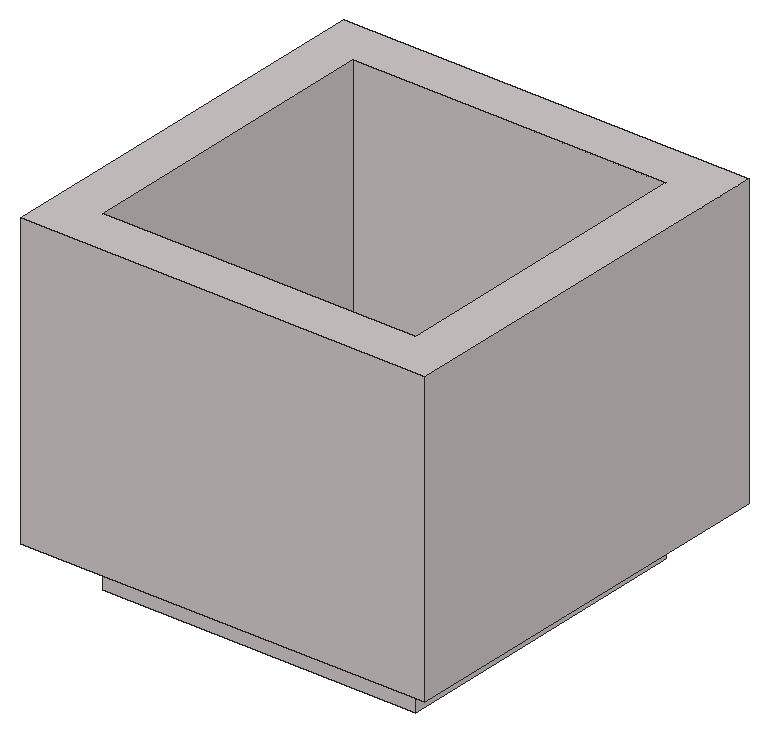
Revit family
Parameters (values of type "0900 x 0900mm")
  Material = Concrete - Precast Concrete
  Keynote = "Q"
  Depth = 900.00 mm
  Height = 750.00 mm
  Width = 900.00 mm
Types (3, lengths in mm): name | Depth | Width
  (no name) | 900.00 | 900.00
  1200 x 1200mm | 1200.00 | 1200.00
  0900 x 0900mm | 900.00 | 900.00
Reference planes
  plane 1 "Center (Front/Back)": y = 0
  plane 2: z = 0
  plane 3 "Center (Left/Right)": x = 0
  plane 4: y = 450
  plane 5: y = -450
  plane 6: x = 450
  plane 7: x = -450
  plane 8: z = 750
  plane 9: z = 101.6
  plane 10: z = 203.2
Forms (mm)
  Extrusion 1, solid, material "Concrete - Precast Concrete" <- "Material"
    sketch origin (0, 0, 0) x (1, 0, 0) y (0, 1, 0)
      loop
        line (-450, 450) -> (-450, -450) -> (450, -450) -> (450, 450) -> (-450, 450)
    from 101.6 to 750
  Extrusion 2, solid, material "Concrete - Precast Concrete" <- "Material"
    sketch origin (0, 0, 0) x (1, 0, 0) y (0, 1, 0)
      loop
        line (-348.4, 348.4) -> (-348.4, -348.4) -> (348.4, -348.4) -> (348.4, 348.4) -> (-348.4, 348.4)
    from 0 to 101.6
  Extrusion 3, void
    sketch origin (0, 0, 0) x (1, 0, 0) y (0, 1, 0)
      loop
        line (-348.4, 348.4) -> (-348.4, -348.4) -> (348.4, -348.4) -> (348.4, 348.4) -> (-348.4, 348.4)
    from 203.2 to 750
Cuts and joins
  Extrusion 3 cuts Extrusion 1
  Extrusion 3 cuts Extrusion 2
Lines and regions (mm)
  symbolic lines, style "Site Accessories"
    curve 1: line (-450, 450, 0) -> (450, 450, 0)
    curve 2: line (-450, -450, 0) -> (-450, 450, 0)
    curve 3: line (450, -450, 0) -> (-450, -450, 0)
    curve 4: line (450, 450, 0) -> (450, -450, 0)
    curve 5: line (348.4, 348.4, 0) -> (-348.4, 348.4, 0)
    curve 6: line (348.4, -348.4, 0) -> (348.4, 348.4, 0)
    curve 7: line (-348.4, -348.4, 0) -> (348.4, -348.4, 0)
    curve 8: line (-348.4, 348.4, 0) -> (-348.4, -348.4, 0)
